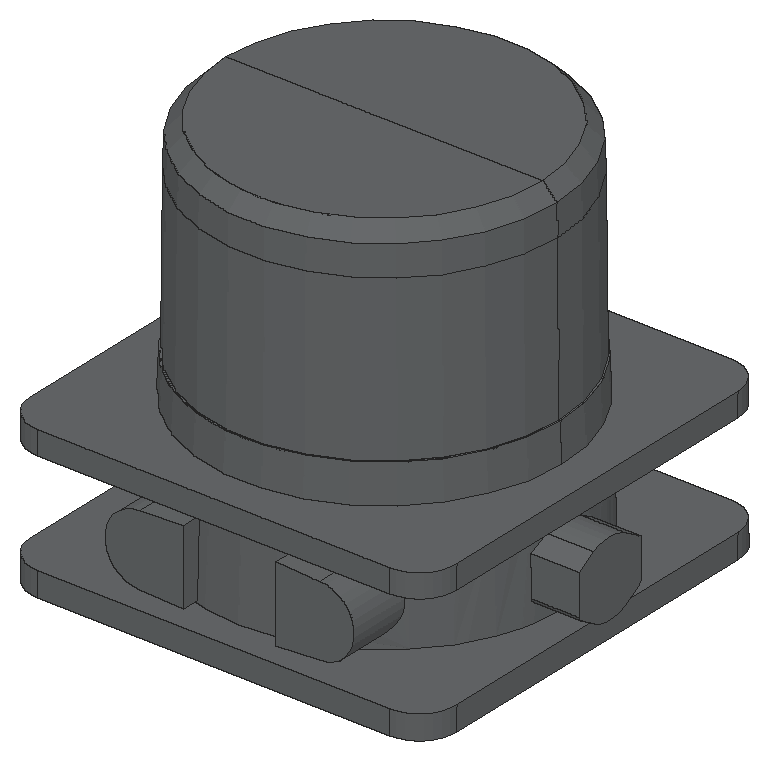
Revit family "Grohe_ConcealedShowerSystemWithRainshowerSmartActive310_34863KF0", category Plumbing Fixtures, host Face, Revit 2020
Family settings
  Host = Face
  Round Connector Dimension = Use Diameter
  Part Type = Normal
  OmniClass Number = 23.45.05.00
  OmniClass Title = Sanitary Equipment
  Cut with Voids When Loaded = No
  Shared = No
  Room Calculation Point = No
Parameters (values of type "Concealed Shower System With Rainshower SmartActive 310 (34863KF0)")
  _ObjectUserGuide = "https://www.bimstore.co/products/grohe-34863KF0/document/object-user-guide"
  _DistributedBy = "https://www.bimstore.co/"
  _CurrentRevision = 1
  _CreatedBy = "https://www.bimstore.co/"
  _BimSpecGuid = 0
  _BSBibleVersion = 17
  _AuthorizedBy = "bimstore"
  _Author = "RL 171"
  WarrantyStartDate [instance] = "Please Record on Commissioning"
  WarrantyGuarantorParts = "info-uk@grohe.com"
  WarrantyGuarantorLabor = "info-uk@grohe.com"
  WarrantyDurationUnit = "Years"
  WarrantyDurationParts = "0"
  WarrantyDurationLabor = "0"
  WarrantyDescription = "n/a"
  URL = "https://www.grohe.co.uk/en_gb/-34863KF0.html"
  TypeName = "Concealed Shower System With Rainshower SmartActive 310"
  Type Comments = "Concealed Shower System With Rainshower SmartActive 310"
  TPIDocumentLink = "n/a"
  SustainabilityReport = "green.grohe.com/reporting"
  SustainabilityAward = "green.grohe.com/awards"
  SpareParts = "info-uk@grohe.com"
  Size = "n/a"
  Shape = "n/a"
  SerialNumber [instance] = "Please Record on Commissioning"
  ReplacementCost = "n/a"
  ReferencedStandard = "n/a"
  ProductionYear = "2023"
  ProductType = "Thermostat"
  ProductShortText = "Concealed shower system with Rainshower SmartActive 310"
  ProductNumber = "34863KF0"
  ProductDescription = "consisting of:\r\n\r\nconcealed thermostat with 3 valves\r\n\r\nGROHE Rapido SmartBox universal rough-in box, 1/2\" (35 604)\r\n\r\nRainshower SmartActive 310 head shower set 2 sprays including horizontal shower arm 430 mm and head shower rough-in (26 483)\r\n\r\nRainshower SmartActive 130 hand shower 3 sprays\r\n\r\nshower outlet elbow 1/2\" with holder\r\n\r\nSilverflex shower hose 1500 mm 1/2\" x 1/2\"\r\n\r\noptional flow regulator 9.5 l/min included for hand shower"
  PrimaryMaterial = Grohe_Black
  PQDiagramLink = "n/a"
  NominalLength = 0 mm
  NominalHeight = 0 mm
  NominalDepth = 0 mm
  NBSReference = "45-35-70/325"
  NBSOfficeMasterTag = "n/a"
  NBSObjectName = "Grohe - Shower fittings package"
  NBSNote = "n/a"
  NBSDescription = "Shower fittings package"
  ModelReference = "Concealed Shower System With Rainshower SmartActive 310"
  ModelNumber = "34863KF0"
  Model = "Concealed Shower System With Rainshower SmartActive 310"
  Material = "n/a"
  ManufacturerName = "Grohe"
  Manufacturer = "Grohe"
  Keynote = "N16"
  InstallationVideo = "n/a"
  InstallationDate [instance] = "Please Record on Commissioning"
  IfcExportType = "IfcPipeFittingType"
  IfcExportAs = "IfcPipeFitting"
  Grade = "n/a"
  GROHESustainability = "green.grohe.com"
  GROHESocialCommittment = "green.grohe.com/social_engagement"
  FullRecyclabilityOfPlastic = "All plastic components are fully recycable"
  Finish = "Black"
  Features = "n/a"
  ExpectedLife = 0
  Ecojoy = no
  EFNL0001 = "true"
  EF025336 = "true"
  EF025247 = "true"
  EF025107 = "true"
  EF025104 = "true"
  EF025101 = "true"
  EF025093 = "true"
  EF025080 = "true"
  EF024922 = "true"
  EF024897 = "true"
  EF024736 = "true"
  EF024552 = "true"
  EF024495 = "true"
  EF024494 = "true"
  EF024492 = "true"
  EF024474 = "true"
  EF024471 = "true"
  EF024225 = "true"
  EF024078 = "true"
  EF024051 = "true"
  EF023957 = "true"
  EF023790 = "true"
  EF023688 = "true"
  EF023686 = "true"
  EF023452 = "true"
  EF022750 = "true"
  EF022398 = "true"
  EF022394 = "true"
  EF022393 = "true"
  EF022377 = "true"
  EF022338 = "true"
  EF022269 = "true"
  EF022268 = "true"
  EF022267 = "true"
  EF022252 = "true"
  EF022225 = "true"
  EF022223 = "true"
  EF022222 = "true"
  EF022182 = "true"
  EF022168 = "true"
  EF022116 = "true"
  EF021835 = "true"
  EF021760 = "true"
  EF021758 = "true"
  EF021652 = "true"
  EF021607 = "true"
  EF021040 = "true"
  EF021039 = "true"
  EF021038 = "true"
  EF021035 = "true"
  EF020990 = "true"
  EF020873 = "true"
  EF020826 = "true"
  EF020825 = "true"
  EF020803 = "true"
  EF020801 = "true"
  EF020799 = "true"
  EF020798 = "true"
  EF020797 = "true"
  EF020794 = "true"
  EF020792 = "true"
  EF020790 = "true"
  EF020789 = "true"
  EF020787 = "true"
  EF020785 = "true"
  EF020784 = "true"
  EF020780 = "true"
  EF020779 = "true"
  EF020348 = "true"
  EF020075 = yes
  EF016731 = "true"
  EF015359 = "true"
  EF014578 = "true"
  EF013621 = "true"
  EF012637 = "true"
  EF012491 = "true"
  EF011779 = "true"
  EF011626 = "true"
  EF011625 = "true"
  EF011622 = "true"
  EF010904 = "true"
  EF008277 = "true"
  EF006974 = "true"
  EF006569 = "true"
  EF006485 = "true"
  EF005870 = "true"
  EF005545 = "true"
  EF005474 = "true"
  EF005084 = "true"
  EF003829 = "true"
  EF003454 = "true"
  EF002671 = "true"
  EF002594 = "true"
  EF002149 = "true"
  EF001707 = "true"
  EF001438 = "true"
  EF001187 = "true"
  EF000664 = "true"
  EF000634 = "true"
  EF000332 = "true"
  EF000329 = "true"
  EF000303 = "true"
  EF000301 = "true"
  EF000113 = "true"
  EF000040 = "true"
  EF000010 = "true"
  EF000008 = "true"
  EF000007 = "true"
  DurationUnit = "Years"
  DocumentationTechnical = "https://www.bimstore.co/products/grohe-34863KF0/document/technical-data-sheet"
  DocumentationMaintenance = "https://www.bimstore.co/products/grohe-34863KF0/document/maintenance-information"
  DocumentationLiterature = "https://www.bimstore.co/products/grohe-34863KF0/document/product-literature"
  DocumentationInstallationGuide = "https://www.bimstore.co/products/grohe-34863KF0/document/installation-guide"
  DocumentationCertificates = "https://www.bimstore.co/products/grohe-34863KF0/document/product-certificates"
  DimensionsDocumentLink = "https://cdn.cloud.grohe.com/dimdraw/2000/2200/2200/2207/2207439/1280/2207439.jpg"
  Description = "Concealed Shower System With Rainshower SmartActive 310"
  Default Elevation = 0 mm
  CreatedOn = "2023-12-05T:09:00:00"
  CreatedBy = "info-uk@grohe.com"
  CradleToCradleCertification = "n/a"
  Cost = 0
  Constituents = "n/a"
  Color = "Grohe_Black"
  CodePerformance = "n/a"
  ClassificationValue = "Pr_40_20_87_55"
  ClassificationName = "Uniclass2015"
  CO2NeutralProduction = "GROHE is one of the first leading manufacturer within the sanitary industry having a CO2-neutral production."
  BarCode [instance] = "Please Record on Commissioning"
  BIMObjectName = "Grohe_ConcealedShowerSystemWithRainshowerSmartActive310_34863KF0"
  AssetType = "Fixed"
  AssetIdentifier [instance] = "n/a"
  Assembly Code = "D2013"
  AccessibilityPerformance = "n/a"
Reference planes
  plane 1 "Center (Front/Back)": y = 0
  plane 2: z = 0
  plane 3 "Center (Left/Right)": x = 0
Forms (mm)
  Revolve 1, solid, material "Grohe_Black" <- "PrimaryMaterial"
    sketch origin (0, 0, 0) x (1, 0, 0) y (0, 0, 1)
      loop
        line (0, -130.657) -> (0, 18) -> (-63.001, 18) -> (-68.787, 12.213) -> (-69, 0) -> (-69.567, -65) -> (-70.358, -65) -> (-72.61, -130.657) -> (0, -130.657)
      axis (0, -130.657) -> (0, 18)
    angle from 0 to 360
  Extrusion 2, solid, material "Grohe_Black" <- "PrimaryMaterial"
    sketch origin (0, 0, -130.657) x (0, 1, 0) y (1, 0, 0)
      loop
        arc (-85, -70) -> (-80.607, -80.607) -> (-70, -85) r 15
        line (-70, -85) -> (70, -85)
        arc (70, -85) -> (80.607, -80.607) -> (85, -70) r 15
        line (85, -70) -> (85, 70)
        arc (85, 70) -> (80.607, 80.607) -> (70, 85) r 15
        line (70, 85) -> (-70, 85)
        arc (-70, 85) -> (-80.607, 80.607) -> (-85, 70) r 15
        line (-85, 70) -> (-85, -70)
    from 0 to 9.519
  Extrusion 3, solid, material "Grohe_Black" <- "PrimaryMaterial"
    sketch origin (0, 0, -130.657) x (0, 1, 0) y (1, 0, 0)
      loop
        arc (-85, -70) -> (-80.607, -80.607) -> (-70, -85) r 15
        line (-70, -85) -> (70, -85)
        arc (70, -85) -> (80.607, -80.607) -> (85, -70) r 15
        line (85, -70) -> (85, 70)
        arc (85, 70) -> (80.607, 80.607) -> (70, 85) r 15
        line (70, 85) -> (-70, 85)
        arc (-70, 85) -> (-80.607, 80.607) -> (-85, 70) r 15
        line (-85, 70) -> (-85, -70)
    from -50.432 to -41.156
  Extrusion 4, solid, material "Grohe_Black" <- "PrimaryMaterial"
    sketch origin (0, 0, 0) x (0, 1, 0) y (0, 0, 1)
      loop
        line (-15.1, -105.789) -> (-15.1, -121.788)
        arc (-15.1, -121.788) -> (-14.706, -122.814) -> (-13.902, -123.563) r 2.442
        line (-13.902, -123.563) -> (-7.404, -127.315)
        arc (-7.404, -127.315) -> (0, -129.299) -> (7.404, -127.315) r 14.809
        line (7.404, -127.315) -> (13.902, -123.563)
        arc (13.902, -123.563) -> (14.706, -122.814) -> (15.1, -121.788) r 2.442
        line (15.1, -121.788) -> (15.1, -105.789) -> (7.918, -101.559)
        arc (7.918, -101.559) -> (0, -99.4) -> (-7.918, -101.559) r 15.6
        line (-7.918, -101.559) -> (-15.1, -105.789)
    from 62.406 to 90
  Extrusion 5, solid, material "Grohe_Black" <- "PrimaryMaterial"
    sketch origin (0.018, 5, 0) x (-1, 0, 0) y (0, 0, 1)
      loop
        line (-15.1, -105.789) -> (-15.1, -121.788)
        arc (-15.1, -121.788) -> (-14.706, -122.814) -> (-13.902, -123.563) r 2.442
        line (-13.902, -123.563) -> (-7.404, -127.315)
        arc (-7.404, -127.315) -> (0, -129.299) -> (7.404, -127.315) r 14.809
        line (7.404, -127.315) -> (13.902, -123.563)
        arc (13.902, -123.563) -> (14.706, -122.814) -> (15.1, -121.788) r 2.442
        line (15.1, -121.788) -> (15.1, -105.789) -> (7.918, -101.559)
        arc (7.918, -101.559) -> (0, -99.4) -> (-7.918, -101.559) r 15.6
        line (-7.918, -101.559) -> (-15.1, -105.789)
    from 62.406 to 90
  Extrusion 6, solid, material "Grohe_Black" <- "PrimaryMaterial"
    sketch origin (0.368, -0.019, 0) x (0, -1, 0) y (0, 0, 1)
      loop
        line (-15.1, -105.789) -> (-15.1, -121.788)
        arc (-15.1, -121.788) -> (-14.706, -122.814) -> (-13.902, -123.563) r 2.442
        line (-13.902, -123.563) -> (-7.404, -127.315)
        arc (-7.404, -127.315) -> (0, -129.299) -> (7.404, -127.315) r 14.809
        line (7.404, -127.315) -> (13.902, -123.563)
        arc (13.902, -123.563) -> (14.706, -122.814) -> (15.1, -121.788) r 2.442
        line (15.1, -121.788) -> (15.1, -105.789) -> (7.918, -101.559)
        arc (7.918, -101.559) -> (0, -99.4) -> (-7.918, -101.559) r 15.6
        line (-7.918, -101.559) -> (-15.1, -105.789)
    from 62.406 to 90
  Extrusion 7, solid, material "Grohe_Black" <- "PrimaryMaterial"
    sketch origin (0, 0, 0) x (1, 0, 0) y (0, 0, 1)
      loop
        line (-18.5, -99.866) -> (-35.731, -100.769)
        arc (-35.731, -100.769) -> (-49.712, -114.75) -> (-35.731, -128.731) r 13.981
        line (-35.731, -128.731) -> (-18.5, -129.634) -> (-18.5, -99.866)
      loop
        line (18.5, -99.866) -> (18.5, -129.634) -> (35.731, -128.731)
        arc (35.731, -128.731) -> (49.712, -114.75) -> (35.731, -100.769) r 13.981
        line (35.731, -100.769) -> (18.5, -99.866)
    from 47.547 to 77
Cuts and joins
  joined: Revolve 1, Extrusion 2, Extrusion 3, Extrusion 6, Extrusion 7
Dimensions and locks
  aligned and locked: plane 2 to host face
  aligned and locked: level to host face
